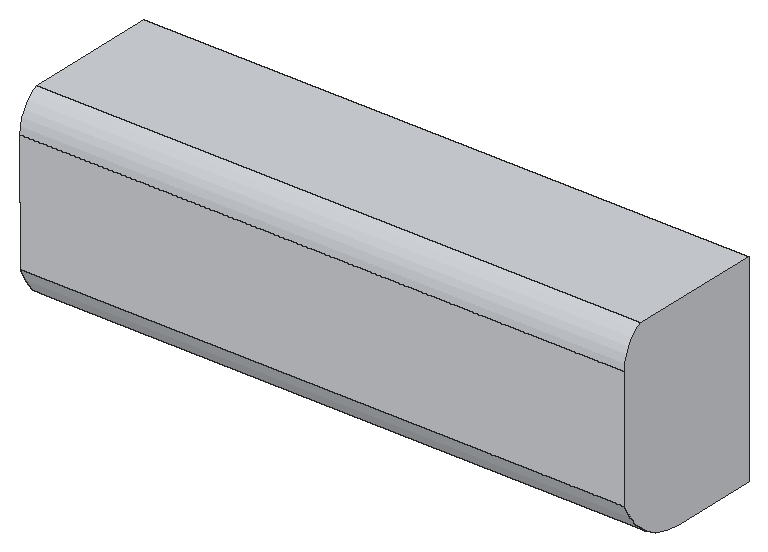
Revit family "Hitachi_RAS-50YHA4_RAS-60YHA4_1116", category Mechanical Equipment, Revit 2013
Parameters (values of type "RAS-60YHA4")
  Width = 900 mm  # constant formula
  Weight (kg) = 11
  URL = "www.temperzone.biz"
  Pipe Length (min./max.) = "3m to 30m"
  Pipe Height (max.) = "20m"
  Pipe Connection Size - Gas = 12.7 mm  # 12.70 mm
  Pip Connection Size - Liquid = 6.4 mm  # 6.40 mm
  Model - Outdoor = "RAC-60YHA4"
  Model = "RAS-60YHA4"
  Manufacturer = "Hitachi"  # constant formula
  Height = 300 mm  # constant formula
  Heating Range (kW) = "1.2 kW to 7.5 kW"
  Heating Capacity = 7 kW
  Energy Star = yes
  Description = "Hitachi Wall Mounted 6.0kW Heatpump RAS-60YHA4"
  Depth = 230 mm  # constant formula
  Cooling Range (kW) = "1.2 kW to 6.8 kW"
  Cooling Capacity = 6 kW
Types (2, lengths in mm): name | Weight (kg) | Pipe Height (max.) | Model - Outdoor | Model | Heating Range (kW) | Heating Capacity | Description | Cooling Range (kW) | Cooling Capacity
  RAS-60YHA4 | 11 | "20m" | "RAC-60YHA4" | "RAS-60YHA4" | "1.2 kW to 7.5 kW" | 7 kW | "Hitachi Wall Mounted 6.0kW Heatpump RAS-60YHA4" | "1.2 kW to 6.8 kW" | 6 kW
  RAS-50YHA4 | 10 | "10m" | "RAC-50YHA4" | "RAS-50YHA4" | "1.2 kW to 6.8 kW" | 6 kW | "Hitachi Wall Mounted 5.0kW Heatpump RAS-50YHA4" | "1.2 kW to 5.8 kW" | 5 kW
Reference planes
  plane 1 "Center (Front/Back)": y = 0
  plane 2: z = 0
  plane 3 "Center (Left/Right)": x = 0
  plane 4: x = -450
  plane 5: x = 450
  plane 6: z = 300
  plane 7: y = -230
Forms (mm)
  Extrusion 1, solid
    sketch origin (0, 0, 0) x (0, 1, 0) y (0, 0, 1)
      loop
        line (0, 300) -> (-200, 300)
        arc (-200, 300) -> (-222.234, 278.196) -> (-230, 248.038) r 58.047
        line (-230, 248.038) -> (-230, 68.038)
        arc (-230, 68.038) -> (-190.473, 17.846) -> (-129.129, 0) r 104.613
        line (-129.129, 0) -> (0, 0) -> (0, 300)
    from -450 to 450
Dimensions and locks
  equal spacing: plane 4, plane 3 "Center (Left/Right)", plane 5
  "Width": plane 4 to plane 5
  "Depth": plane 7 to plane 1 "Center (Front/Back)"
  "Height": plane 6 to plane 2
  aligned and locked: level to plane 2
  aligned and locked: plane 5 to Extrusion 1
  aligned and locked: Extrusion 1 to plane 4
Automatic sketch dimensions
  Extrusion 1 sketch curve to plane 7 = 0 mm
  Extrusion 1 sketch curve to plane 6 = 0 mm
  Extrusion 1 sketch curve to plane 1 "Center (Front/Back)" = 0 mm
  plane 7 to Extrusion 1 sketch curve = 30 mm
  plane 7 to Extrusion 1 sketch curve = 100.871 mm
  Extrusion 1 sketch curve to plane 6 = 50.828 mm
  Extrusion 1 sketch curve to Extrusion 1 sketch curve = 28.036 mm
  plane 7 to Extrusion 1 sketch curve = 98.026 mm
  Extrusion 1 sketch curve to level = 0 mm
  level to Extrusion 1 sketch curve = 68.038 mm
